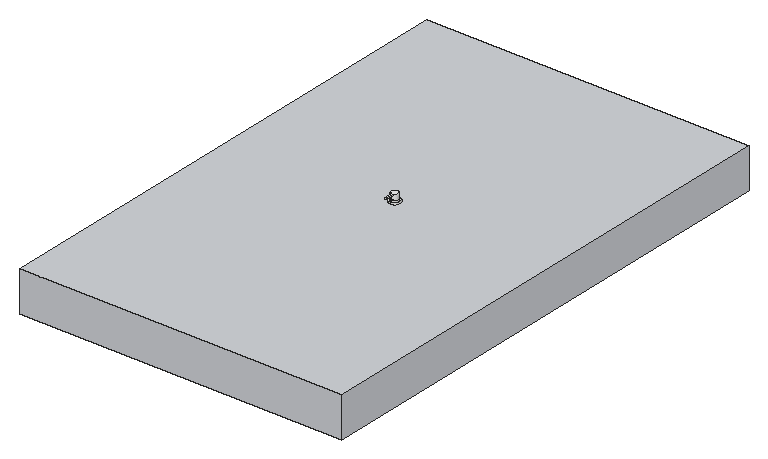
Revit family "Diverter_Trim-3_Way-Grohe-Lineare-29215_Series", category Plumbing Fixtures, host Face, Revit 2019
Family settings
  Host = Face
  Round Connector Dimension = Use Diameter
  Part Type = Normal
  OmniClass Number = 23.45.05.14.17
  OmniClass Title = Showers
  Cut with Voids When Loaded = No
  Shared = Yes
  Room Calculation Point = No
Parameters (values of type "29215001")
  Width = 3 1/8"
  Waste Connection = no
  Warranty Information = "Limited lifetime warranty"  # constant formula
  WFU = 0  # constant formula
  Vent Connection = no
  URL = "https://www.grohe.us/"
  Type Comments = ""
  Tempered Water Connection = yes
  Tempered Connection Radius = Tempered Connection Diameter / 2  # 1/4"
  Tempered Connection Diameter = 1/2"
  Revised Date = "06/06/2023"  # constant formula
  Product Page URL = "https://www.grohe.us/Bath-Shower-Trim-Kits/3-Way-Diverter-Trim/GROHE-CHROME-29215001"
  Product Documentation Link = "https://americanstandard.box.com/shared/static/87hbkn8p0poxj1u0bydfax67vb79k9bl.pdf"
  Model = "29215001"
  Material = "Metal-Grohe-001-StarLight Chrome"
  Manufacturer = "Grohe"
  Length = 2 5/8"
  Installation Type = "Wall Mounted"
  Height = 4 13/16"  # constant formula
  HWFU = 3  # constant formula
  HW Connection = no
  Finish = Metal-Grohe-001-StarLight Chrome
  Description = "Lineare 3-Way Diverter"  # constant formula
  Default Elevation = 44"  # constant formula
  Creation Date = "09/05/2019"  # constant formula
  Compliance Certifications = "• ADA• CSA B125.1• ASME A112.18.1"
  CWFU = 3  # constant formula
  CW Connection = no
  Assembly Code = "D2010710"
  ADA Compliant = yes
Types (2): name | Product Page URL | Model | Material | Finish
  29215001 | "https://www.grohe.us/Bath-Shower-Trim-Kits/3-Way-Diverter-Trim/GROHE-CHROME-29215001" | "29215001" | "Metal-Grohe-001-StarLight Chrome" | Metal-Grohe-001-StarLight Chrome
  29215EN1 | "https://www.grohe.us/Bath-Shower-Trim-Kits/3-Way-Diverter-Trim/GROHE-BRUSHED-NICKEL-29215EN1" | "29215EN1" | "Metal-Grohe-EN1-Brushed Nickel" | Metal-Grohe-EN1-Brushed Nickel
Reference planes (in)
  plane 1 "Center (Front/Back)": y = 0
  plane 2: z = 0
  plane 3 "Center (Left/Right)": x = 0
  plane 4: y = -1.5625
  plane 5: y = 1.5625
  plane 6: z = 0.3125
  plane 7: y = -3.25
  plane 8: z = 0.3125
  plane 9: z = 2.25
Forms (in)
  Extrusion 1, solid
    sketch origin (0, 0, 0) x (1, 0, 0) y (0, 1, 0)
      loop
        line (-48, 72) -> (-48, -79.70833) -> (48, -79.70833) -> (48, 72) -> (-48, 72)
    from 0 to -12
  Revolve 2, solid, material "Metal-Grohe-001-StarLight Chrome" <- "Finish"
    sketch origin (0, 0, 0) x (0, 1, 0) y (0, 0, 1)
      loop
        line (1.5625, 0) -> (1.5625, 0.3125)
        arc (1.5625, 0.3125) -> (1.29254, 0.31693) -> (1.02258, 0.32051) r 87.07732
        line (1.02258, 0.32051) -> (1.02258, 0.76334) -> (0.93125, 0.76334) -> (0.90171, 0.82667) -> (0.99841, 0.82667) -> (1.02258, 0.85084) -> (1.02258, 2.25) -> (0, 2.25) -> (0, 0) -> (1.5625, 0)
      axis (0, 2.25) -> (0, 0)
    angle from 0 to 360
  Extrusion 3, solid, material "Metal-Grohe-001-StarLight Chrome" <- "Finish"
    sketch origin (0, 0, 0) x (1, 0, 0) y (0, 1, 0)
      loop
        circle (-0.49522, 0) r 0.25
      loop
        circle (0.49522, 0) r 0.25
    from 0 to 0.0625
  Extrusion 4, solid, material "Metal-Grohe-001-StarLight Chrome" <- "Finish", not visible
    sketch origin (0, 0, 0) x (0, 1, 0) y (0, 0, 1)
      loop
        circle (0, -0.63262) r 0.25
    from -1.4215 to 1.47216
  Extrusion 5, solid, material "Metal-Grohe-001-StarLight Chrome" <- "Finish", not visible
    sketch origin (0, 0, 0) x (1, 0, 0) y (0, 0, 1)
      loop
        circle (0, -0.63262) r 0.25
    from -1.4215 to 1.47216
  Extrusion 6, solid, material "Metal-Grohe-001-StarLight Chrome" <- "Finish"
    sketch origin (0, 0, -0.125) x (1, 0, 0) y (0, 1, 0)
      loop
        line (-0.31407, -1.14073) -> (-0.31407, -3.13374)
        arc (-0.31407, -3.13374) -> (-0.28002, -3.21595) -> (-0.19781, -3.25) r 0.11626
        line (-0.19781, -3.25) -> (0.19688, -3.25)
        arc (0.19688, -3.25) -> (0.27975, -3.21568) -> (0.31407, -3.13281) r 0.11719
        line (0.31407, -3.13281) -> (0.31407, -1.14073)
        arc (0.31407, -1.14073) -> (0.3517, -1.00883) -> (0.45326, -0.91663) r 0.25
        arc (0.45326, -0.91663) -> (0, 1.02258) -> (-0.45326, -0.91663) r 1.02258
        arc (-0.45326, -0.91663) -> (-0.3517, -1.00883) -> (-0.31407, -1.14073) r 0.25
    from 2.11616 to 2.375
  Revolve 7, solid, material "Metal-Grohe-001-StarLight Chrome" <- "Finish"
    sketch origin (0, 0, 0) x (1, 0, 0) y (0, 0, 1)
      loop
        line (0, -0.88262) -> (0, 0) -> (-0.25, 0) -> (-0.25, -0.88262) -> (0, -0.88262)
      axis (0, 0) -> (0, -0.88262)
    angle from 0 to 360
Cuts and joins
  joined: Revolve 2, Extrusion 3, Extrusion 6
Lines and regions (in)
  Masking region 1
    outline origin (0, 0, 0) x (1, 0, 0) y (0, 0, 1)
      loop
        line (-1.02258, 2.25) -> (-1.02258, 0.85084) -> (-0.99841, 0.82667) -> (-0.90171, 0.82667) -> (-0.93125, 0.76334) -> (-1.02258, 0.76334) -> (-1.02258, 0.32051) -> (-1.5625, 0.3125) -> (-1.5625, 0) -> (1.5625, 0) -> (1.5625, 0.3125) -> (1.02258, 0.32051) -> (1.02258, 0.76334) -> (0.93125, 0.76334) -> (0.90171, 0.82667) -> (0.99841, 0.82667) -> (1.02258, 0.85084) -> (1.02258, 2.25) -> (-1.02258, 2.25)
  Masking region 2, detail levels medium+fine
    outline origin (0, 0, 0) x (1, 0, 0) y (0, 0, 1)
      loop
        line (0.25, 0) -> (-0.25, 0) -> (-0.25, -0.38262) -> (-1.4215, -0.38262) -> (-1.4215, -0.88262) -> (1.47216, -0.88262) -> (1.47216, -0.38262) -> (0.25, -0.38262) -> (0.25, 0)
  symbolic lines, detail levels medium+fine
    curve 1: line (1.02258, 0, 0.32051) -> (-1.02258, 0, 0.32051)
  symbolic lines, detail levels fine
    curve 2: line (0.93125, 0, 0.76334) -> (-0.93125, 0, 0.76334)
    curve 3: line (0.90171, 0, 0.82667) -> (-0.90171, 0, 0.82667)
    curve 4: line (1.02258, 0, 0.85084) -> (-1.02258, 0, 0.85084)
Dimensions and locks (in)
  plane 5 to plane 4 = 3 1/8"
  plane 5 to plane 7 = 4 13/16"  (x2)
  plane 4 to plane 5 = 3 1/8"
  plane 8 to Extrusion 1 = 5/16"
  plane 9 to Extrusion 1 = 2 1/4"
  locked: Revolve 7 sketch curve to Revolve 7 sketch curve at 0.25
  locked: Extrusion 3 sketch curve to Extrusion 3 sketch curve (diameter 1/2")  (x2)
  aligned and locked: plane 2 to Extrusion 1
  aligned and locked: level to Extrusion 1
  aligned and locked: plane 9 to Revolve 2 sketch curve
  aligned and locked: Revolve 7 sketch curve to plane 3 "Center (Left/Right)"  (x2)
  aligned and locked: Extrusion 1 to Revolve 7 sketch curve
  aligned and locked: plane 9 to Masking region 1 sketch curve
  aligned and locked: Extrusion 1 to Masking region 2 sketch curve
Connectors (in)
  piping at (-1.4215, 0, -0.63262), diameter 0.5, driven by "Tempered Connection Diameter"
    settings: on Extrusion 4, index 1, connector inside diameter 24", connector length 0", flow factor 0, pipe flow 0 GPM, pressure drop 0.00 psi, fitting loss kfactor 0, connector angle 0.00°, fixture units 0, engagement length 0", angle of deflection 0.00°, flow configuration 0, flow direction 1, fitting loss method 0, system type 29, joint type 0, gender type 0, connector reference index -1, connector utility 0, adjustable connector no, is connector primary yes, connector description "1/2\" Supply Inlet"
  piping at (0, 1.4215, -0.63262), diameter 0.5, driven by "Tempered Connection Diameter"
    settings: on Extrusion 5, index 2, connector inside diameter 24", connector length 0", flow factor 0, pipe flow 0 GPM, pressure drop 0.00 psi, fitting loss kfactor 0, connector angle 0.00°, fixture units 0, engagement length 0", angle of deflection 0.00°, flow configuration 0, flow direction 2, fitting loss method 0, system type 29, joint type 0, gender type 0, connector reference index -1, connector utility 0, adjustable connector no, is connector primary no, connector description "1/2\" Shower Supply Outlet"
  piping at (1.47216, 0, -0.63262), diameter 0.5, driven by "Tempered Connection Diameter"
    settings: on Extrusion 4, index 3, connector inside diameter 24", connector length 0", flow factor 0, pipe flow 0 GPM, pressure drop 0.00 psi, fitting loss kfactor 0, connector angle 0.00°, fixture units 0, engagement length 0", angle of deflection 0.00°, flow configuration 0, flow direction 2, fitting loss method 0, system type 29, joint type 0, gender type 0, connector reference index -1, connector utility 0, adjustable connector no, is connector primary no, connector description "1/2\" Handshower Supply Outlet"
  piping at (0, -1.47216, -0.63262), diameter 0.5, driven by "Tempered Connection Diameter"
    settings: on Extrusion 5, index 4, connector inside diameter 24", connector length 0", flow factor 0, pipe flow 0 GPM, pressure drop 0.00 psi, fitting loss kfactor 0, connector angle 0.00°, fixture units 0, engagement length 0", angle of deflection 0.00°, flow configuration 0, flow direction 2, fitting loss method 0, system type 29, joint type 0, gender type 0, connector reference index -1, connector utility 0, adjustable connector no, is connector primary no, connector description "1/2\" Spout Supply Outlet"
